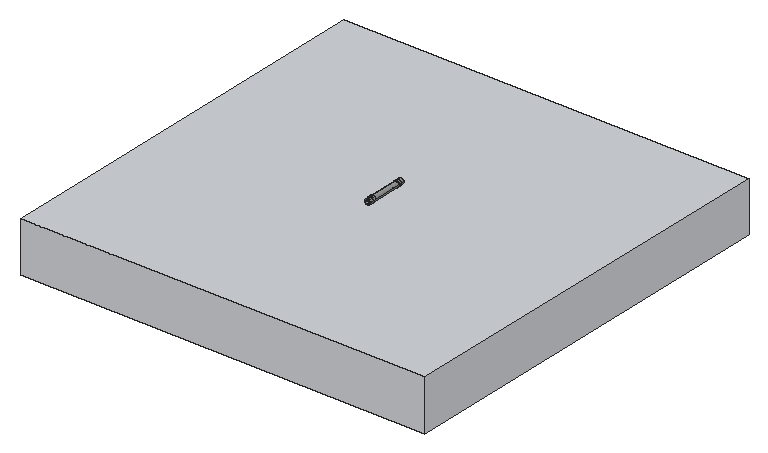
Revit family "L-line A_body", category Обобщенные модели, Revit 2017
Family settings
  Основа = Грань
  Может служить основой для арматурных стержней = Нет
  Размер круглого соединителя = Использовать диаметр
  Тип детали = Нормальный
  При загрузке вырезать с полостями = Нет
  Общий = Нет
  Точка расчета площади = Нет
Parameters
  Расстояние от светильника до плоскости = 55.991 mm
  Default Elevation = 1219.2 mm
  Начало выдавливания = Длина профиля / 2 * (-1)  # -125 mm
  Конец выдавливания = Длина профиля / 2  # 125 mm
  Драйвер, начальная точка = Длина профиля / (-2) + 2.5 mm  # -122.5 mm
  Драйвер, конечная точка = Длина профиля / 2 - 2.5 mm  # 122.5 mm
  Длина профиля = 250 mm
Reference planes
  plane 1 "По центру (Вперед/Назад)": y = 0
  plane 2: z = 0
  plane 3 "По центру (Влево/Вправо)": x = 0
  plane 4 "Плоскость расположения светильника": z = 55.991
Forms (mm)
  Extrusion 1, solid
    sketch origin (0, 0, 0) x (1, 0, 0) y (0, 1, 0)
      loop
        line (-1219.2, 1219.2) -> (-1219.2, -1219.2) -> (1219.2, -1219.2) -> (1219.2, 1219.2) -> (-1219.2, 1219.2)
    from 0 to -304.8
  Extrusion 2, solid, material "Пластик ПК/АБС"
    sketch origin (-0.012, 0, 76.46) x (0, 0, 1) y (1, 0, 0)
      loop
        line (-36.714, 0) -> (-36.714, 14.224) -> (-38.272, 14.224) -> (-38.272, -14.176) -> (-36.714, -14.176) -> (-36.714, 0)
    from -122.5 <- "Драйвер, начальная точка" to 122.5 <- "Драйвер, конечная точка"
  Extrusion 3, solid, material "Поликарбонат, прозрачный"
    sketch origin (-0.012, 0.083, 76.46) x (-1, 0, 0) y (0, 0, -1)
      loop
        circle (0, 37.47) r 16
      loop
        circle (0, 37.47) r 15
    from -125 <- "Начало выдавливания" to 125 <- "Конец выдавливания"
  Extrusion 4, solid, material "Поликарбонат, прозрачный"
    sketch origin (-0.012, -124.917, 76.46) x (-1, 0, 0) y (0, 0, -1)
      loop
        circle (-0.024, 37.493) r 17.4
      loop
        circle (0, 37.482) r 16
    from -36 to -20.4
  Extrusion 5, solid, material "Поликарбонат, прозрачный"
    sketch origin (-0.012, 125.083, 76.46) x (1, 0, 0) y (0, 0, -1)
      loop
        circle (0.024, 37.493) r 17.4
      loop
        circle (0, 37.482) r 16
    from -36 to -20.4
Dimensions and locks
  "Расстояние от светильника до плоскости": plane 4 "Плоскость расположения светильника" to Extrusion 1
  aligned and locked: plane 2 to Extrusion 1
  aligned and locked: level to Extrusion 1
Automatic sketch dimensions
  Extrusion 1 sketch curve to Extrusion 1 sketch curve = 2438.4 mm  (x2)
  Extrusion 3 sketch curve to plane 3 "По центру (Влево/Вправо)" = 0.012 mm
  Extrusion 3 sketch curve to plane 4 "Плоскость расположения светильника" = 17.002 mm
  Extrusion 3 sketch curve to Extrusion 3 sketch curve = 0 mm  (x2)
  Extrusion 2 sketch curve to plane 4 "Плоскость расположения светильника" = 17.804 mm
  Extrusion 2 sketch curve to Extrusion 2 sketch curve = 1.558 mm
  Extrusion 2 sketch curve to plane 3 "По центру (Влево/Вправо)" = 14.187 mm
  Extrusion 2 sketch curve to plane 3 "По центру (Влево/Вправо)" = 0.012 mm
  plane 3 "По центру (Влево/Вправо)" to Extrusion 2 sketch curve = 14.213 mm
  Extrusion 4 sketch curve to Extrusion 4 sketch curve = 0.024 mm
  Extrusion 4 sketch curve to Extrusion 4 sketch curve = 0.011 mm
  Extrusion 5 sketch curve to Extrusion 5 sketch curve = 0.024 mm
  Extrusion 5 sketch curve to Extrusion 5 sketch curve = 0.011 mm
  radius of Extrusion 3 sketch curve = 16 mm
  radius of Extrusion 3 sketch curve = 15 mm
  radius of Extrusion 4 sketch curve = 17.4 mm
  radius of Extrusion 4 sketch curve = 16 mm
  radius of Extrusion 5 sketch curve = 17.4 mm
  radius of Extrusion 5 sketch curve = 16 mm
